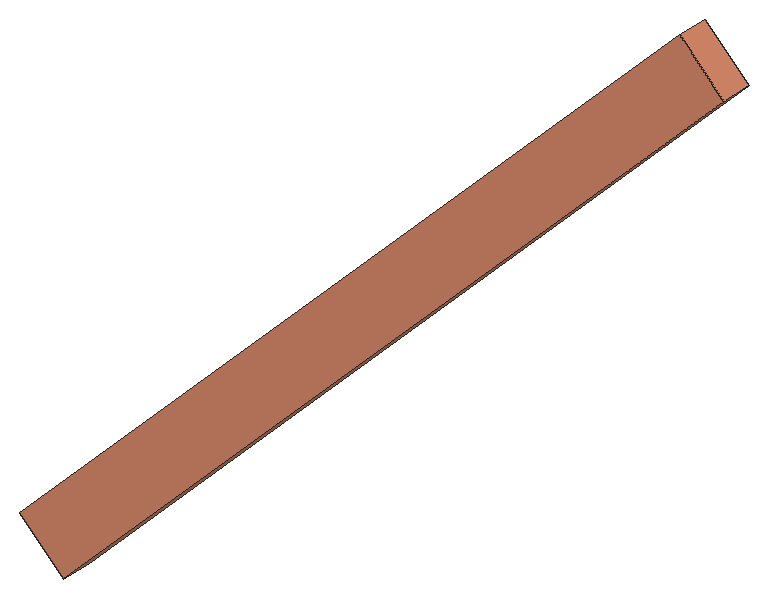
Revit family "盤サポート_H形鋼", category Generic Models, Revit 2023
Family settings
  Can host rebar = No
  Round Connector Dimension = Use Diameter
  Part Type = Normal
  Work Plane-Based = Yes
  Always vertical = No
  Cut with Voids When Loaded = No
  Maintain Annotation Orientation = No
  Shared = No
  Room Calculation Point = No
Parameters (values of type "Ｈ 100 x 50")
  高さ = 100 mm
  長辺 [instance] = 長さ  # 1500 mm
  長さ [instance] = 1500 mm
  部屋名 = ""
  角度 [instance] = 45.00°
  Default Elevation = 1219.2 mm
  構造マテリアル = E403_盤サポート
  幅 = 50 mm
Types (33, lengths in mm): name | 高さ | 長辺 | 長さ | 角度 | 幅
  Ｈ 900 x 300 | 900 | 1000 | 1000 | 45.00° | 300
  Ｈ 800 x 300 | 800 | 1000 | 1000 | 45.00° | 300
  Ｈ 700 x 300 | 700 | 1000 | 1000 | 45.00° | 300
  Ｈ 588 x 300 | 588 | 1000 | 1000 | 45.00° | 300
  Ｈ 600 x 200 | 600 | 1000 | 1000 | 45.00° | 200
  Ｈ 488 x 300 | 488 | 1000 | 1000 | 45.00° | 300
  Ｈ 500 x 200 | 500 | 1000 | 1000 | 45.00° | 200
  Ｈ 440 x 300 | 440 | 1000 | 1000 | 45.00° | 300
  Ｈ 450 x 200 | 450 | 1000 | 1000 | 90.00° | 200
  Ｈ 400 x 400 | 400 | 1000 | 1000 | 45.00° | 400
  Ｈ 390 x 300 | 390 | 1000 | 1000 | 45.00° | 300
  Ｈ 400 x 200 | 400 | 1000 | 1000 | 45.00° | 200
  Ｈ 350 x 350 | 350 | 1000 | 1000 | 45.00° | 350
  Ｈ 340 x 250 | 340 | 1000 | 1000 | 45.00° | 250
  Ｈ 294 x 200 | 294 | 1000 | 1000 | 45.00° | 200
  Ｈ 244 x 175 | 244 | 1000 | 1000 | 45.00° | 175
  Ｈ 350 x 175 | 350 | 1000 | 1000 | 45.00° | 175
  Ｈ 300 x 300 | 300 | 1000 | 1000 | 45.00° | 300
  Ｈ 300 x 150 | 300 | 1000 | 1000 | 45.00° | 150
  Ｈ 250 x 250 | 250 | 1000 | 1000 | 45.00° | 250
  Ｈ 250 x 125 | 250 | 1000 | 1000 | 45.00° | 125
  Ｈ 200 x 200 | 200 | 1000 | 1000 | 45.00° | 200
  Ｈ 194 x 150 | 194 | 1000 | 1000 | 45.00° | 150
  Ｈ 200 x 100 | 200 | 1000 | 1000 | 45.00° | 100
  Ｈ 175 x 175 | 175 | 1000 | 1000 | 45.00° | 175
  Ｈ 175 x 90 | 175 | 1000 | 1000 | 45.00° | 90
  Ｈ 150 x 150 | 150 | 500 | 500 | 45.00° | 150
  Ｈ 148 x 100 | 148 | 1000 | 1000 | 45.00° | 100
  Ｈ 150 x 75 | 150 | 1000 | 1000 | 45.00° | 75
  Ｈ 125 x 125 | 125 | 500 | 500 | 45.00° | 125
  Ｈ 125 x 60 | 125 | 1000 | 1000 | 45.00° | 60
  Ｈ 100 x100 | 100 | 500 | 500 | 45.00° | 100
  Ｈ 100 x 50 | 100 | 1500 | 1500 | 45.00° | 50
Reference planes
  plane 1 "中心(正面/背面)": y = 0
  plane 2: z = 0
  plane 3 "中心(左/右)": x = 0
Lines and regions (mm)
  reference lines
    curve 1: line (0, 0, 0) -> (777.817, 0, 777.817)
    curve 2: line (35.355, 0, -35.355) -> (-35.355, 0, 35.355)
    curve 3: line (1096.016, 0, 1025.305) -> (1025.305, 0, 1096.016)
Dimensions and locks
  equal spacing: curve 2, curve 1, curve 2
  "高さ": curve 2 to curve 2
  equal spacing: curve 3, curve 1, curve 3
  "高さ": curve 3 to curve 3
  "長さ": curve 3 to curve 2
  "角度": angle level to curve 1
  angle curve 2 to curve 1 = 90.00°
  angle curve 3 to curve 1 = 90.00°
  aligned and locked: level to plane 2
  aligned and locked: level to curve 1
  aligned and locked: plane 3 "中心(左/右)" to curve 1
  aligned and locked: nested 1 to curve 1
Nested families
  nested 1: "グレーチング_H形鋼 1" at (-35.355, 0, 35.355) x (0, 1, 0) z (0.7071, 0, -0.7071), 長さ <- "長さ", type "Ｈ 100 x 50"
    with 長辺 1500 mm, 長さ 1500 mm
Definition of nested family "グレーチング_H形鋼 1"
  Parameters (values of type "Ｈ 150 x 150")
    高さ = 150 mm
    長辺 [instance] = 長さ  # 500 mm
    長さ [instance] = 500 mm
    部屋名 = ""
    Default Elevation = 1219.2 mm
    構造マテリアル = none
    幅 = 150 mm
  Types (33, lengths in mm): name | 高さ | 長辺 | 長さ | 幅
    Ｈ 900 x 300 | 900 | 1000 | 1000 | 300
    Ｈ 800 x 300 | 800 | 1000 | 1000 | 300
    Ｈ 700 x 300 | 700 | 1000 | 1000 | 300
    Ｈ 588 x 300 | 588 | 1000 | 1000 | 300
    Ｈ 600 x 200 | 600 | 1000 | 1000 | 200
    Ｈ 488 x 300 | 488 | 1000 | 1000 | 300
    Ｈ 500 x 200 | 500 | 1000 | 1000 | 200
    Ｈ 440 x 300 | 440 | 1000 | 1000 | 300
    Ｈ 450 x 200 | 450 | 1000 | 1000 | 200
    Ｈ 400 x 400 | 400 | 1000 | 1000 | 400
    Ｈ 390 x 300 | 390 | 1000 | 1000 | 300
    Ｈ 400 x 200 | 400 | 1000 | 1000 | 200
    Ｈ 350 x 350 | 350 | 1000 | 1000 | 350
    Ｈ 340 x 250 | 340 | 1000 | 1000 | 250
    Ｈ 294 x 200 | 294 | 1000 | 1000 | 200
    Ｈ 244 x 175 | 244 | 1000 | 1000 | 175
    Ｈ 350 x 175 | 350 | 1000 | 1000 | 175
    Ｈ 300 x 300 | 300 | 1000 | 1000 | 300
    Ｈ 300 x 150 | 300 | 500 | 500 | 150
    Ｈ 250 x 250 | 250 | 500 | 500 | 250
    Ｈ 250 x 125 | 250 | 500 | 500 | 125
    Ｈ 200 x 200 | 200 | 500 | 500 | 200
    Ｈ 194 x 150 | 194 | 500 | 500 | 150
    Ｈ 200 x 100 | 200 | 500 | 500 | 100
    Ｈ 175 x 175 | 175 | 500 | 500 | 175
    Ｈ 175 x 90 | 175 | 500 | 500 | 90
    Ｈ 150 x 150 | 150 | 500 | 500 | 150
    Ｈ 148 x 100 | 148 | 500 | 500 | 100
    Ｈ 150 x 75 | 150 | 500 | 500 | 75
    Ｈ 125 x 125 | 125 | 500 | 500 | 125
    Ｈ 125 x 60 | 125 | 500 | 500 | 60
    Ｈ 100 x100 | 100 | 500 | 500 | 100
    Ｈ 100 x 50 | 100 | 500 | 500 | 50
  Reference planes
    plane 1 "中心(正面/背面)": y = 0
    plane 2: z = 0
    plane 3 "中心(左/右)": x = 0
    plane 4: z = 75
    plane 5: z = 150
  Forms (mm)
    Extrusion 1, solid, material <- "構造マテリアル"
      sketch origin (0, 0, 0) x (1, 0, 0) y (0, 1, 0)
        loop
          line (-75, 500) -> (-75, 0) -> (75, 0) -> (75, 500) -> (-75, 500)
      from 0 to 150
  Lines and regions (mm)
    reference lines
      curve 1: line (75, 500, 0) -> (-75, 500, 0)
      curve 2: line (75, 0, 0) -> (-75, 0, 0)
  Dimensions and locks
    "長さ": curve 1 to curve 2
    "幅": Extrusion 1 to Extrusion 1
    equal spacing: Extrusion 1, plane 3 "中心(左/右)", Extrusion 1
    "幅": curve 1 to curve 1
    equal spacing: curve 1, plane 3 "中心(左/右)", curve 1
    "幅": curve 2 to curve 2
    equal spacing: curve 2, plane 3 "中心(左/右)", curve 2
    equal spacing: plane 5, plane 4, level
    "高さ": plane 5 to level
    aligned and locked: level to plane 2
    aligned and locked: Extrusion 1 to curve 2
    aligned and locked: curve 1 to Extrusion 1
    aligned and locked: plane 5 to Extrusion 1
  Automatic sketch dimensions
    Extrusion 1 sketch curve to plane 3 "中心(左/右)" = 75 mm
    plane 3 "中心(左/右)" to Extrusion 1 sketch curve = 75 mm
    plane 1 "中心(正面/背面)" to Extrusion 1 sketch curve = 0 mm
    Extrusion 1 sketch curve to plane 1 "中心(正面/背面)" = 500 mm
    plane 1 "中心(正面/背面)" to curve 2 = 0 mm
